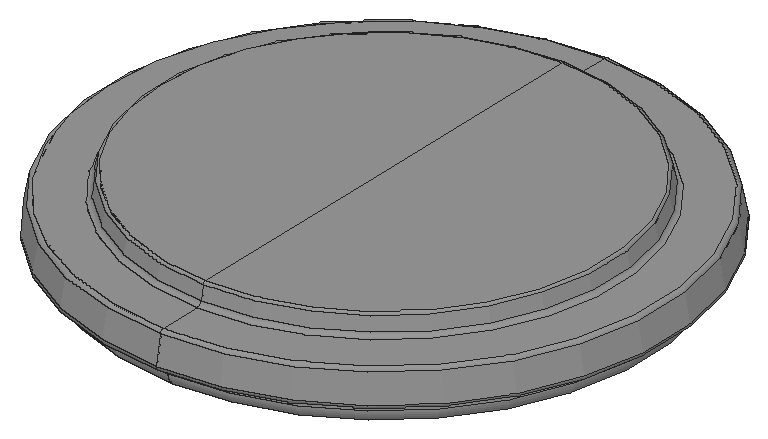
Revit family "FMK12_63_UN_Surface-mounted_ETK", category Lighting Fixtures, Revit 2017 (continued)
Definition of nested family "FMK.1 - Lightsource"
  Types (13, lengths in mm): name | Wattage Comments | Photometric Web File | built-in parameter 1150142 | Apparent Load
    FMK.1309.10 - Ø350x40 / 25W | "25W" | "FMK.1309.10.ies" | "IESNA:LM-63-2002\r\n[TEST] /2015\r\n[TESTLAB] ies2eulumdat.appspot.com\r\n[ISSUEDATE] 2021-06-16T09:02:42.033\r\n[MANUFAC] www.etk.nl\r\n[LUMCAT] FMK.1309.10\r\n[LUMINAIRE] FMK.1 LED 25W 3000/4000/5700K ø350 niet dimbaar\r\n[LAMPCAT] LED\r\n[LAMP] LED\r\nTILT=NONE\r\n1\t2480\t1\t46\t180\t1\t2\t-0.350\t-0.350\t0\r\n1.0\t1.0\t23.30\r\n0\t 2\t 4\t 6\t 8\t 10\t 12\t 14\t 16\t 18\r\n20\t 22\t 24\t 26\t 28\t 30\t 32\t 34\t 36\t 38\r\n40\t 42\t 44\t 46\t 48\t 50\t 52\t 54\t 56\t 58\r\n60\t 62\t 64\t 66\t 68\t 70\t 72\t 74\t 76\t 78\r\n80\t 82\t 84\t 86\t 88\t 90\r\n0\t 2\t 4\t 6\t 8\t 10\t 12\t 14\t 16\t 18\r\n20\t 22\t 24\t 26\t 28\t 30\t 32\t 34\t 36\t 38\r\n40\t 42\t 44\t 46\t 48\t 50\t 52\t 54\t 56\t 58\r\n60\t 62\t 64\t 66\t 68\t 70\t 72\t 74\t 76\t 78\r\n80\t 82\t 84\t 86\t 88\t 90\t 92\t 94\t 96\t 98\r\n100\t 102\t 104\t 106\t 108\t 110\t 112\t 114\t 116\t 118\r\n120\t 122\t 124\t 126\t 128\t 130\t 132\t 134\t 136\t 138\r\n140\t 142\t 144\t 146\t 148\t 150\t 152\t 154\t 156\t 158\r\n160\t 162\t 164\t 166\t 168\t 170\t 172\t 174\t 176\t 178\r\n180\t 182\t 184\t 186\t 188\t 190\t 192\t 194\t 196\t 198\r\n200\t 202\t 204\t 206\t 208\t 210\t 212\t 214\t 216\t 218\r\n220\t 222\t 224\t 226\t 228\t 230\t 232\t 234\t 236\t 238\r\n240\t 242\t 244\t 246\t 248\t 250\t 252\t 254\t 256\t 258\r\n260\t 262\t 264\t 266\t 268\t 270\t 272\t 274\t 276\t 278\r\n280\t 282\t 284\t 286\t 288\t 290\t 292\t 294\t 296\t 298\r\n300\t 302\t 304\t 306\t 308\t 310\t 312\t 314\t 316\t 318\r\n320\t 322\t 324\t 326\t 328\t 330\t 332\t 334\t 336\t 338\r\n340\t 342\t 344\t 346\t 348\t 350\t 352\t 354\t 356\t 358\r\n\r\n874.5378\t872.985\t871.4326\t868.4042\t863.9259\t859.4477\t850.8503\t842.2531\t833.6557\t825.0457\r\n816.4482\t802.6413\t788.8342\t775.0273\t761.2204\t747.4003\t728.7815\t710.1497\t691.518\t672.8991\r\n654.2674\t631.1444\t608.0216\t584.8986\t561.7758\t538.6528\t510.9747\t483.2964\t455.6313\t427.953\r\n400.2876\t372.6096\t344.9442\t317.2659\t289.6008\t261.9225\t0\t0\t0\t0\r\n0\t0\t0\t0\t0\t0\r\n874.5378\t872.986\t871.4415\t868.4251\t863.9551\t859.4973\t850.9108\t842.3156\t833.7785\t825.156\r\n816.5457\t802.7467\t788.916\t775.0947\t761.2697\t747.446\t728.8383\t710.205\t691.578\t672.9569\r\n654.3735\t631.2344\t608.0719\t584.9231\t561.7592\t538.7577\t511.1295\t483.472\t455.8195\t428.1685\r\n400.5019\t372.8469\t345.191\t317.5236\t289.8671\t262.8659\t0.6758\t0\t0\t0\r\n0\t0\t0\t0\t0\t0\r\n874.5378\t872.985\t871.4437\t868.4422\t864.0258\t859.6925\t851.111\t842.4877\t833.8645\t825.2183\r\n816.6186\t802.8333\t788.947\t775.0781\t761.2052\t747.4135\t728.9223\t710.364\t691.7948\t673.2027\r\n654.5427\t631.4194\t608.2026\t585.0017\t561.8016\t538.6766\t511.1077\t483.4663\t455.8287\t428.1951\r\n400.5664\t372.9516\t345.3244\t317.6992\t290.0876\t265.0403\t2.7464\t0\t0\t0\r\n0\t0\t0\t0\t0\t0\r\n874.5378\t872.9821\t871.4385\t868.4194\t864.0727\t859.7838\t851.2173\t842.5678\t833.9007\t825.2235\r\n816.668\t802.9365\t789.0812\t775.2792\t761.421\t747.6997\t729.181\t710.4756\t691.7873\t673.1308\r\n654.663\t631.625\t608.3911\t585.1543\t561.9214\t538.8799\t511.4157\t483.7676\t456.1196\t428.4736\r\n400.8305\t373.1892\t345.554\t317.9194\t290.287\t268.2859\t6.3352\t0\t0\t0\r\n0\t0\t0\t0\t0\t0\r\n874.5378\t872.9774\t871.3354\t868.4409\t864.1178\t859.8537\t851.2982\t842.6199\t833.9409\t825.2468\r\n816.7788\t803.1785\t789.2843\t775.3512\t761.3176\t747.5762\t729.2242\t710.5594\t691.8962\t673.1995\r\n654.7728\t631.8698\t608.6334\t585.3343\t562.0186\t538.9799\t511.6644\t483.999\t456.3696\t428.7156\r\n401.0544\t373.3948\t345.7398\t318.0935\t290.4628\t272.4181\t11.6488\t0\t0\t0\r\n0\t0\t0\t0\t0\t0\r\n874.5378\t872.9707\t871.3279\t868.471\t864.1617\t859.8954\t851.3872\t842.6839\t833.9766\t825.2708\r\n816.8502\t803.3288\t789.3332\t775.3224\t761.359\t747.7361\t729.5277\t710.8005\t692.0589\t673.2875\r\n654.8872\t632.0349\t608.7229\t585.4345\t562.1478\t539.1899\t512.0463\t484.3358\t456.6506\t428.9594\r\n401.2923\t373.6043\t345.9364\t318.2797\t290.6205\t277.0921\t18.9765\t0\t0\t0\r\n0\t0\t0\t0\t0\t0\r\n874.5378\t872.9625\t871.3272\t868.5089\t864.2287\t859.9311\t851.476\t842.7424\t834.0185\t825.2728\r\n816.878\t803.4883\t789.447\t775.409\t761.3523\t747.7021\t729.6919\t710.7722\t691.9242\t673.107\r\n654.8527\t632.4372\t609.0672\t585.6956\t562.3043\t539.3645\t512.4665\t484.6711\t456.9197\t429.1861\r\n401.4679\t373.7873\t346.0949\t318.4119\t290.7592\t281.9071\t28.6938\t0\t0\t0\r\n0\t0\t0\t0\t0\t0\r\n874.5378\t872.9523\t871.3329\t868.5553\t864.2592\t859.9504\t851.5554\t842.8305\t834.084\t825.2074\r\n816.787\t803.6596\t789.5906\t775.4335\t761.1574\t747.4849\t729.8365\t711.046\t692.1648\t673.255\r\n654.9501\t632.8883\t609.4094\t585.8784\t562.3338\t539.3534\t512.8427\t485.0158\t457.1657\t429.3874\r\n401.6484\t373.9389\t346.2683\t318.581\t290.9008\t286.3639\t41.2736\t0\t0\t0\r\n0\t0\t0\t0\t0\t0\r\n874.5378\t872.8137\t871.345\t868.6644\t864.2765\t859.9251\t851.6873\t842.9609\t834.0724\t825.0615\r\n816.7052\t803.8927\t789.6685\t775.3465\t761.1232\t747.5149\t730.8168\t711.207\t692.2662\t673.3624\r\n654.3396\t633.7434\t609.5716\t585.9823\t562.3541\t538.7123\t513.8128\t485.4491\t457.6064\t429.7267\r\n401.9207\t374.1378\t346.3933\t318.6716\t290.991\t289.7615\t57.2684\t0\t0\t0\r\n0\t0\t0\t0\t0\t0\r\n874.5378\t872.8057\t871.3631\t868.7051\t864.2817\t859.9405\t851.8897\t843.0202\t833.9841\t825.0067\r\n816.6099\t803.9828\t789.7525\t775.6421\t761.2323\t746.6449\t731.0465\t711.5628\t692.4192\t673.1806\r\n654.0931\t634.2226\t610.0016\t586.2715\t562.5156\t538.712\t514.1789\t485.7884\t457.8779\t430.0342\r\n402.2659\t374.4612\t346.6551\t318.8784\t291.1066\t291.3829\t77.339\t0\t0\t0\r\n0\t0\t0\t0\t0\t0\r\n874.5378\t872.8008\t871.3872\t868.7356\t864.2423\t859.9616\t852.0338\t842.9907\t834.0205\t825.0028\r\n815.6301\t804.9673\t790.2232\t775.6207\t761.0674\t746.5966\t731.3436\t711.6432\t692.6156\t673.3986\r\n654.0405\t634.3984\t610.1926\t586.3276\t562.5002\t538.7113\t514.7498\t486.5348\t458.5126\t430.4672\r\n402.5338\t374.6697\t346.8121\t319.0039\t291.2333\t263.4995\t160.6802\t0\t0\t0\r\n0\t0\t0\t0\t0\t0\r\n874.5378\t872.7986\t871.4172\t868.7559\t864.2542\t860.0226\t852.1575\t843.0968\t834.151\t824.79\r\n815.5091\t805.477\t790.3016\t775.7026\t761.1321\t746.2692\t731.413\t712.2009\t692.6938\t673.2253\r\n653.6873\t634.4207\t610.6578\t586.7802\t562.8732\t538.8591\t514.9854\t487.0326\t458.9317\t430.8209\r\n402.7969\t374.818\t346.9138\t319.0475\t291.2393\t263.4851\t185.2086\t0\t0\t0\r\n0\t0\t0\t0\t0\t0\r\n874.5378\t872.799\t871.5328\t868.7666\t864.2775\t859.9965\t852.7195\t843.3582\t834.1664\t824.7436\r\n815.5708\t805.467\t790.5818\t775.9047\t761.0165\t746.3004\t731.6097\t712.3145\t692.7446\t673.1826\r\n653.6286\t634.5159\t611.2627\t587.1358\t562.9947\t538.8643\t515.0814\t487.4881\t459.2749\t431.1106\r\n402.9628\t374.95\t347.0093\t319.1472\t291.3053\t263.5233\t208.2994\t0\t0\t0\r\n0\t0\t0\t0\t0\t0\r\n874.5378\t872.8025\t871.5583\t868.7204\t864.3127\t859.9316\t852.9209\t843.5306\t834.1128\t824.8934\r\n815.2782\t805.5067\t790.8995\t776.0151\t761.1772\t746.0554\t731.2669\t712.664\t693.0221\t673.3778\r\n653.6104\t633.792\t612.3338\t587.453\t563.0919\t538.7235\t514.9098\t487.9779\t459.6978\t431.5641\r\n403.366\t375.1722\t347.1174\t319.1532\t291.2958\t263.5213\t228.7914\t0\t0\t0\r\n0\t0\t0\t0\t0\t0\r\n874.5378\t872.8087\t871.5786\t868.7286\t864.3792\t859.2746\t853.2661\t843.5958\t834.235\t824.8872\r\n815.0505\t805.5206\t791.2318\t776.3022\t761.2172\t745.916\t730.4468\t713.7346\t693.4459\t673.4403\r\n653.4991\t633.4361\t612.717\t587.6995\t563.177\t538.6746\t514.3676\t489.1869\t460.2153\t431.8054\r\n403.5104\t375.376\t347.3463\t319.3253\t291.3561\t263.4928\t245.247\t0\t0\t0\r\n0\t0\t0\t0\t0\t0\r\n874.5378\t872.8176\t871.594\t868.7413\t864.5999\t859.2372\t853.4766\t843.7617\t834.4664\t824.7991\r\n814.8886\t805.3621\t791.6455\t776.6385\t761.3791\t745.8498\t730.2087\t714.1344\t693.6806\t673.6665\r\n653.3853\t632.9801\t612.7046\t588.1848\t563.7124\t538.8507\t514.0373\t489.2641\t460.7659\t432.4004\r\n403.9749\t375.6369\t347.3932\t319.2876\t291.3137\t263.4311\t256.4\t21.1589\t0\t0\r\n0\t0\t0\t0\t0\t0\r\n874.5378\t872.8291\t871.6049\t868.7579\t864.6433\t859.2362\t853.6197\t844.0003\t834.6256\t824.7954\r\n814.7222\t804.4108\t792.7933\t777.0693\t761.5696\t745.8454\t730.025\t714.0597\t694.2482\t673.7662\r\n653.1948\t632.7378\t612.8978\t589.0191\t563.854\t538.8859\t514.0346\t489.5694\t461.4915\t432.792\r\n404.2522\t375.8708\t347.5762\t319.3982\t291.2929\t263.2944\t260.497\t50.994\t0\t0\r\n0\t0\t0\t0\t0\t0\r\n874.5378\t872.8434\t871.6111\t868.7812\t864.6867\t859.3193\t853.6386\t844.3264\t834.7903\t824.8279\r\n814.5669\t804.0862\t793.2471\t777.5685\t761.7856\t745.9386\t729.6368\t714.0267\t694.6212\t673.9306\r\n653.3719\t632.7102\t611.7654\t590.0275\t564.3446\t539.1887\t513.9862\t488.7864\t462.5949\t433.4053\r\n404.7521\t376.0935\t347.6417\t319.3977\t291.2247\t263.1831\t235.3098\t141.9651\t0\t0\r\n0\t0\t0\t0\t0\t0\r\n874.5378\t872.8601\t871.6131\t868.8157\t864.7177\t859.3485\t853.7135\t844.6525\t834.9887\t824.8664\r\n814.4149\t803.9339\t793.47\t778.0082\t762.198\t745.8223\t729.5701\t712.9179\t695.5336\t674.4831\r\n653.5046\t632.3809\t611.3728\t590.2611\t564.8862\t539.4174\t514.0207\t488.6597\t463.1784\t433.9189\r\n405.1445\t376.434\t347.8034\t319.3994\t291.1716\t263.102\t235.1821\t178.7874\t0\t0\r\n0\t0\t0\t0\t0\t0\r\n874.5378\t872.8794\t871.6111\t868.8382\t864.774\t859.3795\t853.7675\t845.0496\t835.2055\t824.9353\r\n814.3702\t803.7722\t793.2751\t778.7009\t762.387\t746.0296\t729.3764\t712.475\t695.8285\t674.8422\r\n653.5931\t632.3727\t610.9574\t590.0503\t565.5501\t539.9047\t514.1925\t488.4214\t463.2504\t434.6696\r\n405.5599\t376.6984\t348.0288\t319.5354\t291.2058\t263.0085\t234.9936\t206.9523\t0\t0\r\n0\t0\t0\t0\t0\t0\r\n874.5378\t872.9012\t871.5655\t868.8601\t864.8335\t859.4207\t853.7683\t845.9362\t835.4577\t825.0514\r\n814.4553\t803.6296\t792.2179\t779.8127\t762.8299\t746.2469\t729.2703\t712.3577\t695.3362\t675.8838\r\n653.9827\t632.336\t610.6474\t589.0122\t566.7343\t540.3769\t514.3674\t488.4717\t462.4798\t435.7434\r\n406.1918\t377.2278\t348.3572\t319.6358\t291.116\t262.8306\t234.7776\t224.3024\t1.4585\t0\r\n0\t0\t0\t0\t0\t0\r\n874.5378\t872.9253\t871.379\t868.8811\t864.8933\t859.5045\t853.244\t846.2499\t835.7384\t825.2103\r\n814.554\t803.4044\t791.869\t779.805\t763.3864\t746.4988\t729.5299\t711.942\t694.2604\t676.3124\r\n654.3574\t632.4508\t610.5755\t588.4983\t566.715\t541.0891\t514.7654\t488.5178\t462.3191\t436.3543\r\n406.9804\t377.6331\t348.5191\t319.6606\t291.0778\t262.7334\t234.5562\t206.64\t33.7392\t0\r\n0\t0\t0\t0\t0\t0\r\n874.5378\t872.9518\t871.3778\t868.901\t864.9325\t859.5784\t853.214\t846.4466\t836.0774\t825.4851\r\n814.7053\t803.2509\t791.428\t779.5917\t764.708\t746.9787\t729.5768\t711.8113\t693.9015\t676.1179\r\n654.908\t632.8464\t610.5296\t587.9914\t565.627\t542.3981\t515.4013\t488.7842\t462.2727\t436.2295\r\n407.5555\t378.0413\t348.8864\t319.862\t291.0406\t262.6159\t234.3798\t206.3836\t125.2993\t0\r\n0\t0\t0\t0\t0\t0\r\n874.5378\t872.9803\t871.3797\t868.9196\t864.9851\t859.8641\t853.2857\t846.5857\t836.4728\t825.8653\r\n814.8491\t803.1912\t790.9769\t778.4546\t765.1236\t747.6989\t729.8082\t711.8736\t693.6275\t674.9012\r\n655.9925\t633.326\t610.454\t587.7632\t565.102\t542.6503\t515.9853\t489.2289\t462.1807\t435.3737\r\n408.6395\t378.7488\t349.1738\t320.0656\t291.1158\t262.4901\t234.1534\t206.1212\t166.7175\t0\r\n0\t0\t0\t0\t0\t0\r\n874.5378\t873.0113\t871.3852\t868.9367\t865.0399\t859.9204\t853.307\t846.641\t837.3913\t826.2663\r\n815.0031\t803.1425\t790.7259\t778.0157\t765.1782\t748.2205\t730.3124\t712.0938\t693.3636\t674.5736\r\n655.9109\t633.7124\t610.7149\t587.853\t564.6883\t541.2801\t517.5309\t489.4969\t462.3786\t435.363\r\n408.5691\t379.4638\t349.7132\t320.289\t291.1386\t262.3679\t233.9597\t205.843\t191.3541\t0\r\n0\t0\t0\t0\t0\t0\r\n874.5378\t873.143\t871.3944\t868.965\t865.0967\t859.8366\t853.3333\t846.609\t837.7894\t826.7333\r\n815.244\t803.1272\t790.598\t777.5346\t764.1329\t749.4672\t730.951\t712.4368\t693.5213\t674.2631\r\n654.6404\t634.4981\t611.4715\t587.9688\t564.3337\t540.8223\t517.1794\t490.4388\t462.8798\t435.3102\r\n407.9645\t380.4853\t350.2125\t320.5261\t291.2361\t262.2558\t233.7412\t205.6123\t177.8296\t14.1429\r\n0\t0\t0\t0\t0\t0\r\n874.5378\t873.1763\t871.407\t868.9764\t865.1592\t859.8703\t853.3687\t846.0245\t838.1083\t827.2372\r\n815.546\t803.2631\t790.6275\t777.2122\t763.3757\t749.5128\t731.8115\t712.9487\t693.7455\t674.1637\r\n653.9549\t634.477\t612.5793\t588.3527\t564.3939\t540.0376\t516.1111\t491.7518\t463.4257\t435.5192\r\n407.7844\t380.4151\t350.853\t320.8406\t291.372\t262.3528\t233.5793\t205.2753\t177.4284\t100.3334\r\n0\t0\t0\t0\t0\t0\r\n874.5378\t873.2102\t871.4234\t868.9821\t865.2199\t859.9164\t853.3802\t845.9739\t838.2844\t828.258\r\n815.9269\t803.5366\t790.6872\t777.0899\t762.8644\t748.28\t733.0436\t713.8015\t694.1699\t674.0905\r\n653.757\t633.2779\t612.7708\t588.9918\t564.3915\t539.9679\t515.4434\t490.7922\t464.2999\t436.0276\r\n407.779\t379.7438\t351.7153\t321.4985\t291.592\t262.1553\t233.2983\t205.0147\t177.1546\t145.4639\r\n0\t0\t0\t0\t0\t0\r\n874.5378\t873.2447\t871.4437\t868.9821\t865.3878\t859.9732\t853.652\t845.9555\t838.3191\t828.6689\r\n816.4088\t803.9361\t790.7592\t776.9914\t762.5777\t747.6364\t732.8507\t715.2471\t694.8762\t674.401\r\n653.9941\t632.9377\t611.6419\t589.8573\t564.946\t540.0634\t514.9631\t489.9071\t465.2073\t436.8188\r\n408.1445\t379.5543\t351.4748\t321.8757\t291.7147\t262.2731\t233.2762\t204.7089\t176.824\t164.8575\r\n0\t0\t0\t0\t0\t0\r\n874.5378\t873.2799\t871.4683\t868.9756\t865.4228\t860.0385\t853.7311\t846.0076\t837.7948\t828.8807\r\n817.4717\t804.5194\t791.0178\t776.9872\t762.3882\t747.1476\t731.4663\t715.4215\t695.7243\t675.1483\r\n654.1285\t632.8402\t610.9574\t588.8696\t566.1808\t540.386\t514.916\t489.2432\t463.8614\t438.2408\r\n408.5783\t379.6245\t350.8114\t322.5996\t292.3293\t262.326\t233.1999\t204.5472\t176.4644\t149.0113\r\n16.216\t0\t0\t0\t0\t0\r\n874.5378\t873.3159\t871.497\t868.9622\t865.4369\t860.1907\t853.8042\t846.1177\t837.7745\t828.8515\r\n817.9953\t805.1583\t791.4469\t777.2136\t762.3408\t746.854\t730.7764\t714.1453\t696.8941\t676.2308\r\n654.8569\t632.953\t610.6936\t588.2664\t565.8113\t541.6322\t514.9631\t489.0285\t463.0688\t436.8994\r\n409.7776\t379.9112\t350.8776\t322.1307\t292.7546\t262.7213\t233.0969\t204.2235\t176.1537\t148.6428\r\n101.0416\t0\t0\t0\t0\t0\r\n874.5378\t873.6792\t871.5315\t868.7547\t865.4315\t860.2297\t853.8816\t846.4595\t837.8058\t828.2545\r\n818.2909\t806.3212\t791.9992\t777.6392\t762.4728\t746.7337\t730.2628\t713.3006\t695.732\t677.4931\r\n655.7348\t633.3903\t610.8761\t587.946\t564.6675\t541.318\t515.6959\t489.1587\t462.6031\t435.8067\r\n409.7153\t380.864\t351.1554\t321.9028\t293.2203\t262.8733\t233.1865\t204.0807\t175.7665\t148.2591\r\n132.3459\t0\t0\t0\t0\t0\r\n874.5378\t873.7134\t871.569\t868.7452\t865.4091\t860.2512\t853.9324\t846.6167\t837.896\t828.2022\r\n818.3316\t806.6594\t792.7169\t778.2054\t762.7679\t746.7699\t730.0981\t712.7322\t694.988\t676.5172\r\n657.1192\t634.3761\t611.4976\t587.9639\t564.389\t540.0872\t516.1879\t489.8972\t462.4892\t435.4032\r\n408.275\t381.6807\t351.887\t321.9692\t292.4924\t263.6168\t233.2534\t203.9966\t175.5022\t147.8698\r\n121.0768\t0\t0\t0\t0\t0\r\n874.5378\t873.7457\t871.6111\t868.7428\t865.3719\t860.255\t853.9692\t846.7268\t838.2164\t828.2493\r\n817.7758\t806.748\t793.8423\t778.9372\t763.3066\t747.0415\t730.2687\t712.4422\t694.3955\t675.5555\r\n655.9208\t635.931\t612.4625\t588.6657\t564.3614\t539.7943\t514.8805\t490.169\t463.2523\t435.3732\r\n407.7353\t380.1597\t352.8643\t322.5255\t292.5334\t263.0816\t233.7298\t203.9537\t175.1936\t147.4432\r\n120.6567\t63.9473\t0\t0\t0\t0\r\n874.5378\t873.7764\t871.6582\t868.6741\t865.3223\t860.2423\t853.987\t846.8086\t838.3258\t828.5903\r\n817.7822\t806.1329\t794.1176\t780.1011\t764.1344\t747.5796\t730.578\t712.5211\t694.061\t674.8993\r\n654.9754\t634.6603\t613.6926\t589.8625\t565.0638\t540.0269\t514.7178\t489.0076\t463.6504\t436.382\r\n407.8139\t379.375\t351.4537\t323.6603\t292.9812\t262.9809\t233.8132\t204.0767\t175.0064\t147.0129\r\n120.1689\t102.6651\t0\t0\t0\t0\r\n874.5378\t873.8052\t871.7103\t868.6894\t864.9781\t860.2143\t853.9873\t846.8622\t838.4054\t828.7421\r\n817.8963\t806.1104\t793.5655\t780.3893\t765.33\t748.4318\t731.071\t713.0159\t694.1406\t674.6701\r\n654.4264\t633.6531\t612.2512\t590.8414\t566.8777\t540.8597\t514.9527\t488.895\t462.332\t435.9709\r\n408.6408\t379.5181\t350.7114\t322.3085\t294.0846\t263.252\t233.3849\t204.3862\t174.8799\t146.666\r\n119.7185\t93.9345\t0\t0\t0\t0\r\n874.5378\t873.832\t871.7674\t868.717\t864.965\t860.1401\t853.9699\t846.8873\t838.4528\t828.8522\r\n818.211\t806.2383\t793.5271\t779.8191\t765.5254\t749.6777\t732.3108\t713.7591\t694.5756\t674.8566\r\n654.3388\t633.0676\t611.3731\t589.025\t566.1634\t542.5848\t516.063\t489.4689\t462.4456\t435.4022\r\n407.7886\t380.4967\t350.8268\t321.5372\t292.6712\t264.3385\t233.5555\t203.915\t175.0615\t146.5055\r\n119.3143\t93.5059\t20.0518\t0\t0\t0\r\n874.5378\t873.8565\t871.8299\t868.7566\t864.9781\t859.91\t853.9396\t846.884\t838.4632\t828.9189\r\n818.3015\t806.6304\t793.8544\t779.8529\t765.0344\t749.9723\t732.9506\t715.1375\t695.4476\t675.5022\r\n654.6791\t633.0867\t611.0566\t588.2337\t564.946\t541.0728\t517.268\t491.1801\t463.4202\t435.6207\r\n407.4397\t379.2724\t351.4527\t321.623\t291.9101\t262.967\t234.6318\t204.099\t174.9625\t146.5003\r\n118.9993\t93.0548\t76.0222\t0\t0\t0\r\n874.5378\t873.8791\t872.2594\t868.8087\t865.0168\t859.8988\t853.6971\t846.8538\t838.4138\t828.9417\r\n818.3519\t806.7718\t794.0724\t780.3079\t765.1772\t749.4954\t732.6193\t715.538\t696.8383\t676.8937\r\n655.4489\t633.6554\t611.2818\t588.1191\t564.3977\t540.1435\t515.4005\t490.2355\t465.2068\t436.8312\r\n407.9717\t379.2133\t350.3712\t321.3825\t292.606\t262.3118\t233.1959\t205.0923\t175.0431\t146.4961\r\n118.8352\t92.7175\t68.4227\t0\t0\t0\r\n874.5378\t873.8994\t872.3229\t868.8735\t865.08\t859.9207\t853.6723\t846.6068\t838.3382\t828.9182\r\n818.3519\t806.8372\t794.2274\t780.549\t765.7087\t749.915\t732.7656\t715.0968\t696.5797\t677.356\r\n656.7033\t635.0261\t612.1054\t588.727\t564.536\t539.9751\t514.7339\t489.1465\t463.2873\t436.3458\r\n409.5217\t380.2073\t350.6157\t321.0844\t291.6254\t262.6618\t232.6257\t203.6653\t175
